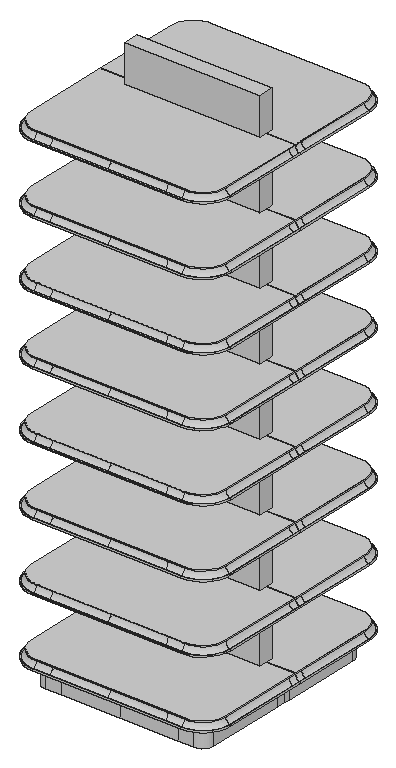
Revit family "AD", category Specialty Equipment, Revit 2012 (continued)
Automatic sketch dimensions
  Extrusion 22 sketch curve to plane 30 = 0' - 0"
  plane 1 "Center (Front/Back)" to Extrusion 22 sketch curve = 0' - 0"  (x2)
  Extrusion 22 sketch curve to plane 3 "Center (Left/Right)" = 0' - 0"
  Extrusion 22 sketch curve to plane 17 = 0' - 0"
  plane 18 to Extrusion 22 sketch curve = 0' - 2"
  plane 18 to Extrusion 22 sketch curve = 0' - 3 1/8"
  Extrusion 22 sketch curve to Extrusion 22 sketch curve = 0' - 2 7/8"
  Extrusion 22 sketch curve to plane 17 = 0' - 4 7/8"
  Extrusion 22 sketch curve to plane 17 = 0' - 3 1/8"
  Extrusion 22 sketch curve to plane 17 = 0' - 2"
  Sweep 23 sketch curve to profile plane = 0' - 0"
  profile plane to Sweep 23 sketch curve = 0' - 0"
  Sweep 23 sketch curve to profile plane = 0' - 0 1/8"
  profile plane to Sweep 23 sketch curve = 0' - 2"
  Sweep 23 sketch curve to Sweep 23 sketch curve = 0' - 0 1/8"  (x3)
  Sweep 23 sketch curve to Sweep 23 sketch curve = 0' - 0 5/8"
  profile plane to Sweep 23 sketch curve = 0' - 0.20787"
  Sweep 23 sketch curve to Sweep 23 sketch curve = 0' - 0.84305"
  Sweep 23 sketch curve to profile plane = 0' - 1 3/8"
  Extrusion 24 sketch curve to plane 4 = 0' - 0"  (x3)
  Extrusion 24 sketch curve to plane 18 = 0' - 0"
  Extrusion 24 sketch curve to plane 30 = 0' - 0"
  plane 1 "Center (Front/Back)" to Extrusion 24 sketch curve = 0' - 0"  (x2)
  Extrusion 24 sketch curve to plane 3 "Center (Left/Right)" = 0' - 0"
  Extrusion 24 sketch curve to plane 17 = 0' - 0"
  plane 18 to Extrusion 24 sketch curve = 0' - 2"
  plane 18 to Extrusion 24 sketch curve = 0' - 3 1/8"
  Extrusion 24 sketch curve to Extrusion 24 sketch curve = 0' - 2 7/8"
  Extrusion 24 sketch curve to plane 17 = 0' - 4 7/8"
  Extrusion 24 sketch curve to plane 17 = 0' - 3 1/8"
  Extrusion 24 sketch curve to plane 17 = 0' - 2"
  Sweep 25 sketch curve to profile plane = 0' - 0"
  profile plane to Sweep 25 sketch curve = 0' - 0"
  Sweep 25 sketch curve to profile plane = 0' - 0 1/8"
  profile plane to Sweep 25 sketch curve = 0' - 2"
  Sweep 25 sketch curve to Sweep 25 sketch curve = 0' - 0 1/8"  (x3)
  Sweep 25 sketch curve to Sweep 25 sketch curve = 0' - 0 5/8"
  profile plane to Sweep 25 sketch curve = 0' - 0.20787"
  Sweep 25 sketch curve to Sweep 25 sketch curve = 0' - 0.84305"
  Sweep 25 sketch curve to profile plane = 0' - 1 3/8"
  Extrusion 26 sketch curve to plane 4 = 0' - 0"  (x3)
  Extrusion 26 sketch curve to plane 18 = 0' - 0"
  Extrusion 26 sketch curve to plane 30 = 0' - 0"
  plane 1 "Center (Front/Back)" to Extrusion 26 sketch curve = 0' - 0"  (x2)
  Extrusion 26 sketch curve to plane 3 "Center (Left/Right)" = 0' - 0"
  Extrusion 26 sketch curve to plane 17 = 0' - 0"
  plane 18 to Extrusion 26 sketch curve = 0' - 2"
  plane 18 to Extrusion 26 sketch curve = 0' - 3 1/8"
  Extrusion 26 sketch curve to Extrusion 26 sketch curve = 0' - 2 7/8"
  Extrusion 26 sketch curve to plane 17 = 0' - 4 7/8"
  Extrusion 26 sketch curve to plane 17 = 0' - 3 1/8"
  Extrusion 26 sketch curve to plane 17 = 0' - 2"
  Sweep 27 sketch curve to profile plane = 0' - 0"
  profile plane to Sweep 27 sketch curve = 0' - 0"
  Sweep 27 sketch curve to profile plane = 0' - 0 1/8"
  profile plane to Sweep 27 sketch curve = 0' - 2"
  Sweep 27 sketch curve to Sweep 27 sketch curve = 0' - 0 1/8"  (x3)
  Sweep 27 sketch curve to Sweep 27 sketch curve = 0' - 0 5/8"
  profile plane to Sweep 27 sketch curve = 0' - 0.20787"
  Sweep 27 sketch curve to Sweep 27 sketch curve = 0' - 0.84305"
  Sweep 27 sketch curve to profile plane = 0' - 1 3/8"
  Extrusion 28 sketch curve to plane 4 = 0' - 0"  (x3)
  Extrusion 28 sketch curve to plane 18 = 0' - 0"
  Extrusion 28 sketch curve to plane 30 = 0' - 0"
  plane 1 "Center (Front/Back)" to Extrusion 28 sketch curve = 0' - 0"  (x2)
  Extrusion 28 sketch curve to plane 3 "Center (Left/Right)" = 0' - 0"
  Extrusion 28 sketch curve to plane 17 = 0' - 0"
  plane 18 to Extrusion 28 sketch curve = 0' - 2"
  plane 18 to Extrusion 28 sketch curve = 0' - 3 1/8"
  Extrusion 28 sketch curve to Extrusion 28 sketch curve = 0' - 2 7/8"
  Extrusion 28 sketch curve to plane 17 = 0' - 4 7/8"
  Extrusion 28 sketch curve to plane 17 = 0' - 3 1/8"
  Extrusion 28 sketch curve to plane 17 = 0' - 2"
  Sweep 29 sketch curve to profile plane = 0' - 0"
  profile plane to Sweep 29 sketch curve = 0' - 0"
  Sweep 29 sketch curve to profile plane = 0' - 0 1/8"
  profile plane to Sweep 29 sketch curve = 0' - 2"
  Sweep 29 sketch curve to Sweep 29 sketch curve = 0' - 0 1/8"  (x3)
  Sweep 29 sketch curve to Sweep 29 sketch curve = 0' - 0 5/8"
  profile plane to Sweep 29 sketch curve = 0' - 0.20787"
  Sweep 29 sketch curve to Sweep 29 sketch curve = 0' - 0.84305"
  Sweep 29 sketch curve to profile plane = 0' - 1 3/8"
  Extrusion 30 sketch curve to plane 4 = 0' - 0"  (x3)
  Extrusion 30 sketch curve to plane 18 = 0' - 0"
  Extrusion 30 sketch curve to plane 30 = 0' - 0"
  plane 1 "Center (Front/Back)" to Extrusion 30 sketch curve = 0' - 0"  (x2)
  Extrusion 30 sketch curve to plane 3 "Center (Left/Right)" = 0' - 0"
  Extrusion 30 sketch curve to plane 17 = 0' - 0"
  plane 18 to Extrusion 30 sketch curve = 0' - 2"
  plane 18 to Extrusion 30 sketch curve = 0' - 3 1/8"
  Extrusion 30 sketch curve to Extrusion 30 sketch curve = 0' - 2 7/8"
  Extrusion 30 sketch curve to plane 17 = 0' - 4 7/8"
  Extrusion 30 sketch curve to plane 17 = 0' - 3 1/8"
  Extrusion 30 sketch curve to plane 17 = 0' - 2"
  Sweep 31 sketch curve to profile plane = 0' - 0"
  profile plane to Sweep 31 sketch curve = 0' - 0"
  Sweep 31 sketch curve to profile plane = 0' - 0 1/8"
  profile plane to Sweep 31 sketch curve = 0' - 2"
  Sweep 31 sketch curve to Sweep 31 sketch curve = 0' - 0 1/8"  (x3)
  Sweep 31 sketch curve to Sweep 31 sketch curve = 0' - 0 5/8"
  profile plane to Sweep 31 sketch curve = 0' - 0.20787"
  Sweep 31 sketch curve to Sweep 31 sketch curve = 0' - 0.84305"
  Sweep 31 sketch curve to profile plane = 0' - 1 3/8"
  Extrusion 32 sketch curve to plane 4 = 0' - 0"  (x3)
  Extrusion 32 sketch curve to plane 18 = 0' - 0"
  Extrusion 32 sketch curve to plane 30 = 0' - 0"
  plane 1 "Center (Front/Back)" to Extrusion 32 sketch curve = 0' - 0"  (x2)
  Extrusion 32 sketch curve to plane 3 "Center (Left/Right)" = 0' - 0"
  Extrusion 32 sketch curve to plane 17 = 0' - 0"
  plane 18 to Extrusion 32 sketch curve = 0' - 2"
  plane 18 to Extrusion 32 sketch curve = 0' - 3 1/8"
  Extrusion 32 sketch curve to Extrusion 32 sketch curve = 0' - 2 7/8"
  Extrusion 32 sketch curve to plane 17 = 0' - 4 7/8"
  Extrusion 32 sketch curve to plane 17 = 0' - 3 1/8"
  Extrusion 32 sketch curve to plane 17 = 0' - 2"
  Sweep 33 sketch curve to profile plane = 0' - 0"
  profile plane to Sweep 33 sketch curve = 0' - 0"
  Sweep 33 sketch curve to profile plane = 0' - 0 1/8"
  profile plane to Sweep 33 sketch curve = 0' - 2"
  Sweep 33 sketch curve to Sweep 33 sketch curve = 0' - 0 1/8"  (x3)
  Sweep 33 sketch curve to Sweep 33 sketch curve = 0' - 0 5/8"
  profile plane to Sweep 33 sketch curve = 0' - 0.20787"
  Sweep 33 sketch curve to Sweep 33 sketch curve = 0' - 0.84305"
  Sweep 33 sketch curve to profile plane = 0' - 1 3/8"
